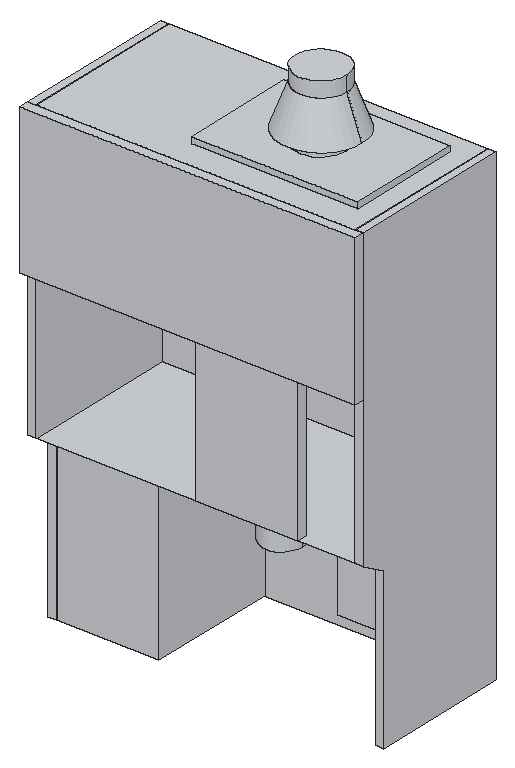
Revit family "Шкаф защитный для фасовки РФП EF-5", category Оборудование, Revit 2017
Family settings
  Размер круглого соединителя = Использовать диаметр
  Тип детали = Нормальный
  На основе рабочей плоскости = Нет
  Всегда вертикально = Да
  При загрузке вырезать с полостями = Нет
  Общий = Нет
  Точка расчета площади = Нет
Parameters (values of type "Тип")
  Общ_Ширина = 1638.0 mm
  Общ_Тип, марка = "EF-5"
  Общ_Расход В = 153.0 L/s
  Общ_Примечание ЭМ [instance] = ""
  Общ_Примечание ОВ [instance] = ""
  Общ_Примечание КР [instance] = ""
  Общ_Примечание АР [instance] = ""
  Общ_Примечание = ""
  Общ_Поставщик = "Veenstra Instruments"
  Общ_Позиция = "61"
  Общ_Напряжение = 220 V
  Общ_Наименование = "Шкаф защитный для фасофки РФП"
  Общ_Мощность номинальная = 3300 W
  Общ_Масса = "3500"
  Общ_Код продукции = ""
  Общ_Задание = "КР, ОВ, ЭМ"
  Общ_Единицы измерения = "компл."
  Общ_Диаметр В = 200.0 mm
  Общ_Глубина = 857.0 mm
  Общ_Высота В = Общ_Высота  # 2672.0 mm
  Общ_Высота = 2672.0 mm
  Keynote = ""
  Model = ""
Reference planes
  plane 1 "По центру (Вперед/Назад)": y = 0
  plane 2: z = 0
  plane 3 "По центру (Влево/Вправо)": x = 0
  plane 4: y = 429
  plane 5: y = -429
  plane 6: x = 819
  plane 7: x = -819
  plane 8: z = 2310
  plane 9: z = 2340
  plane 10: z = 2672
  plane 11: x = 279
  plane 12: y = 37
Forms (mm)
  Extrusion 1, solid, detail levels fine
    sketch origin (-819, 729, 1200) x (0, 1, 0) y (0, 0, 1)
      loop
        line (-300, -1200) -> (-300, 1110) -> (-1108, 1110) -> (-1108, -350) -> (-984.795, -421.132) -> (-984.795, -1200) -> (-300, -1200)
    from 0 to 40
  Extrusion 2, solid, detail levels fine
    sketch origin (-819, 729, 1200) x (0, 1, 0) y (0, 0, 1)
      loop
        line (-978.096, -425) -> (-300, -425) -> (-300, -350) -> (-1108, -350) -> (-978.096, -425)
    from 1598 to 40
  Extrusion 3, solid, detail levels fine
    sketch origin (0, 0, 0) x (1, 0, 0) y (0, 1, 0)
      loop
        line (-779, 429) -> (-779, -379) -> (779, -379) -> (779, 429) -> (-779, 429)
    from 2270 to 2310
  Extrusion 4, solid, detail levels fine
    sketch origin (819, 729, 1200) x (0, 1, 0) y (0, 0, -1)
      loop
        line (-300, 1200) -> (-984.795, 1200) -> (-984.795, 421.132) -> (-1108, 350) -> (-1108, -1110) -> (-300, -1110) -> (-300, 1200)
    from 0 to 40
  Extrusion 5, solid, detail levels fine
    sketch origin (-819, 729, 1200) x (0, 1, 0) y (0, 0, 1)
      loop
        line (-1158, 1110) -> (-1158, 380) -> (-1108, 380) -> (-1108, 1110) -> (-1158, 1110)
    from 1638 to 0
  Extrusion 6, solid, detail levels fine
    sketch origin (0, 0, 0) x (1, 0, 0) y (0, 1, 0)
      loop
        line (-779, 429) -> (-779, 389) -> (779, 389) -> (779, 429) -> (-779, 429)
    from 0 to 2270
  Extrusion 7, solid, detail levels fine
    sketch origin (0, 0, 0) x (1, 0, 0) y (0, 1, 0)
      loop
        line (-779, -255.795) -> (-279, -255.795) -> (-279, 389) -> (-779, 389) -> (-779, -255.795)
    from 0 to 800
  Extrusion 8, solid, detail levels fine
    sketch origin (0, 0, 0) x (1, 0, 0) y (0, 1, 0)
      loop
        line (0, -379) -> (500, -379) -> (500, -329) -> (0, -329) -> (0, -379)
    from 850 to 2000
  Extrusion 9, solid, detail levels fine
    sketch origin (0, 0, 0) x (1, 0, 0) y (0, 1, 0)
      loop
        circle (0, 150) r 100
    from 450 to 800
  Extrusion 10, solid, detail levels fine
    sketch origin (0, 0, 0) x (1, 0, 0) y (0, 1, 0)
      loop
        line (779, 389) -> (479, 389) -> (479, -111) -> (779, -111) -> (779, 389)
    from 400 to 800
  Extrusion 11, solid, detail levels fine
    sketch origin (0, 0, 0) x (1, 0, 0) y (0, 1, 0)
      loop
        circle (279, 37) r 125
    from 2340 to 2672
  Blend 12, solid, detail levels fine
    base sketch origin (0, 0, 0) x (1, 0, 0) y (0, 1, 0)
      loop
        circle (279, 37) r 200
    top sketch origin (0, 0, 0) x (1, 0, 0) y (0, 1, 0)
      loop
        circle (279, 37) r 125
    from 2400 to 2600
  Extrusion 13, solid, detail levels fine
    sketch origin (0, 0, 0) x (1, 0, 0) y (0, 1, 0)
      loop
        line (-126, -243) -> (684, -243) -> (684, 317) -> (-126, 317) -> (-126, -243)
    from 2310 to 2340
Lines and regions (mm)
  symbolic lines, detail levels coarse+medium
    curve 1: line (-819, 429, 0) -> (819, 429, 0)
    curve 2: line (-819, -429, 0) -> (-819, 429, 0)
    curve 3: line (819, -429, 0) -> (-819, -429, 0)
    curve 4: line (819, 429, 0) -> (819, -429, 0)
    curve 5: line (-126, 317, 0) -> (684, 317, 0)
    curve 6: line (-126, -243, 0) -> (-126, 317, 0)
    curve 7: line (684, -243, 0) -> (-126, -243, 0)
    curve 8: line (684, 317, 0) -> (684, -243, 0)
    curve 9: circle (279, 37, 0) r 125 normal (0, 0, 1)
    curve 10: circle (279, 37, 0) r 200 normal (0, 0, 1)
Dimensions and locks
  aligned and locked: level to plane 2
Connectors
  hvac at (279, 37, 2672), driven by "Общ_Диаметр В", driven by "Общ_Расход В"
    settings: on Extrusion 11, index 1, duct flow 153.0 L/s, flow factor 0, pres drop 0.0 Pa, loss coef 0, conn angle 0.00°, conn width 304.8 mm, conn height 304.8 mm, conn diameter 200 mm, duct sys type 3, conn prof type 0, flow config 0, flow direction 2, loss method 0, conn ref index -1, conn util no, is conn primary yes, conn desc ""
